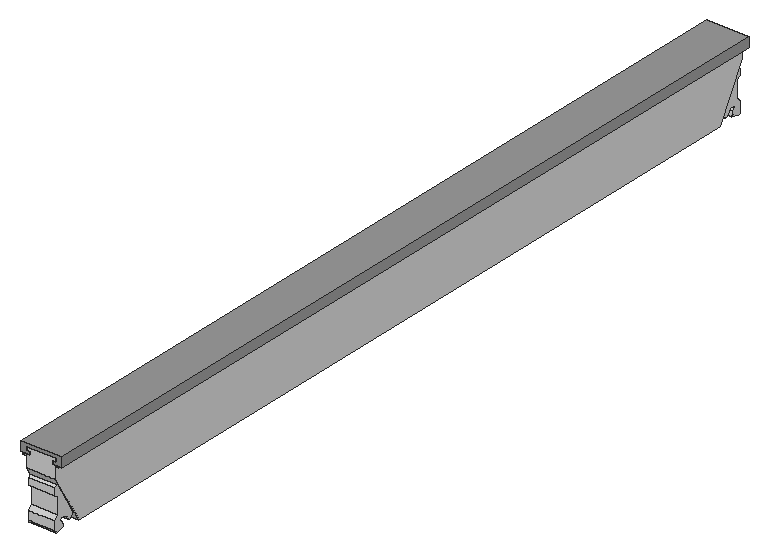
Revit family "CC4_TRANSVERSAL CC TE 1.5 ALU_1870400", category Generic Models, Revit 2018
Family settings
  Can host rebar = No
  Round Connector Dimension = Use Diameter
  Part Type = Normal
  OmniClass Number = 35.51.14.00
  OmniClass Title = FORMWORK
  Work Plane-Based = Yes
  Always vertical = No
  Cut with Voids When Loaded = No
  Shared = Yes
  Room Calculation Point = No
Parameters
  VERSION = "20190101"  # constant formula
  URL = "www.ulmaconstruction.com/en"
  UNICLASS = ""
  ITEM_CODE = "1870400"
  Manufacturer = "ULMA CONSTRUCTION"  # constant formula
  FILTER [instance] = ""
  Default Elevation = 0.000 mm
  CLASSIFICATION_TITLE = ""
  CLASSIFICATION_NUMBER = ""
Reference planes
  plane 1 "Centro (Frontal/Posterior)": y = 0
  plane 2: z = 0
  plane 3 "Centro (Izquierda/Derecha)": x = 0
  plane 4 "ITEM_LENGTH": y = 1500
Forms (mm)
  Extrusion 1, solid, material "ULMA ZINC", detail levels fine
    sketch origin (0, 0, 0) x (1, 0, 0) y (0, 0, 1)
      loop
        line (-23.75, -6) -> (-23.75, -10.7) -> (-19, -10.7) -> (-19, -16) -> (-30, -16) -> (-30, -18) -> (-24.75, -19.105) -> (-24.75, -118.4) -> (-7.05, -118.4) -> (-7.05, -115.9) -> (-9.9, -115.9) -> (-9.9, -102.9) -> (9.9, -102.9) -> (9.9, -115.9) -> (7.05, -115.9) -> (7.05, -118.4) -> (24.75, -118.4) -> (24.75, -19.105) -> (30, -18) -> (30, -16) -> (19, -16) -> (19, -10.7) -> (23.75, -10.7) -> (23.75, -6) -> (-23.75, -6)
    from -1465 to -35
  Extrusion 2, solid, material "ULMA POLYPROPYLENE BLACK", detail levels fine
    sketch origin (0, 0, 0) x (1, 0, 0) y (0, 0, 1)
      loop
        line (-19, -16) -> (-19, -10.7) -> (-23.75, -10.7) -> (-23.75, -6) -> (23.75, -6) -> (23.75, -10.7) -> (19, -10.7) -> (19, -16) -> (35, -16) -> (35, 0) -> (-35, 0) -> (-35, -16) -> (-19, -16)
    from -1465 to -35
  Extrusion 3, void
    sketch origin (0, 0, 0) x (0, 1, 0) y (0, 0, 1)
      loop
        line (35, -37.4) -> (30, -37.4) -> (30, -123.4) -> (81.765, -123.4) -> (81.765, -118.4) -> (35, -37.4)
    from -35 to 35
  Extrusion 4, void
    sketch origin (0, 0, 0) x (0, 1, 0) y (0, 0, 1)
      loop
        line (1418.235, -118.4) -> (1418.235, -120.4) -> (1467, -120.4) -> (1467, -37.4) -> (1465, -37.4) -> (1418.235, -118.4)
    from -35 to 35
  Extrusion 5, solid, material "ULMA ZINC", detail levels fine
    sketch origin (0, 0, 0) x (0, 1, 0) y (0, 0, 1)
      loop
        line (41.548, -48.741) -> (36.25, -51.8) -> (36.25, -62.8) -> (41.75, -65.975) -> (41.75, -93.569) -> (36, -100.421) -> (36, -115.208)
        arc (36, -115.208) -> (37.565, -118.382) -> (41.035, -119.072) r 4
        line (41.035, -119.072) -> (52.5, -116)
        arc (52.5, -116) -> (52.078, -112.318) -> (50.91, -108.8) r 18
        line (50.91, -108.8) -> (47.525, -105.414)
        arc (47.525, -105.414) -> (47.091, -103.235) -> (48.939, -102) r 2
        line (48.939, -102) -> (58, -102) -> (61.984, -108.9) -> (66.314, -111.4) -> (74.013, -104.973) -> (41.548, -48.741)
    from -22 to 22
  Extrusion 6, solid, material "ULMA ZINC", detail levels fine
    sketch origin (0, 0, 0) x (0, 1, 0) y (0, 0, 1)
      loop
        line (1458.452, -48.741) -> (1425.987, -104.973) -> (1433.686, -111.4) -> (1438.016, -108.9) -> (1442, -102) -> (1451.061, -102)
        arc (1451.061, -102) -> (1452.909, -103.235) -> (1452.475, -105.414) r 2
        line (1452.475, -105.414) -> (1449.09, -108.8)
        arc (1449.09, -108.8) -> (1447.922, -112.318) -> (1447.5, -116) r 18
        line (1447.5, -116) -> (1458.965, -119.072)
        arc (1458.965, -119.072) -> (1462.435, -118.382) -> (1464, -115.208) r 4
        line (1464, -115.208) -> (1464, -100.421) -> (1458.25, -93.569) -> (1458.25, -65.975) -> (1463.75, -62.8) -> (1463.75, -51.8) -> (1458.452, -48.741)
    from -22 to 22
  Extrusion 7, solid, material "ULMA POLYPROPYLENE BLACK", detail levels medium
    sketch origin (0, 0, 0) x (1, 0, 0) y (0, 0, 1)
      loop
        line (-35, 0) -> (-35, -118.4) -> (35, -118.4) -> (35, 0) -> (-35, 0)
    from -1465 to -35
Cuts and joins
  Extrusion 3, Extrusion 4 cuts Extrusion 1
  Extrusion 3, Extrusion 4 cuts Extrusion 7
Lines and regions (mm)
  model lines, style "ULMA TRANSVERSAL CC TE", detail levels coarse
    curve 1: line (-35, 1375, 0) -> (-35, 125, 0)
    curve 2: line (35, 1375, 0) -> (35, 125, 0)
Dimensions and locks
  plane 1 "Centro (Frontal/Posterior)" to plane 4 "ITEM_LENGTH" = 1500.000 mm
  locked: plane 4 "ITEM_LENGTH" to plane 1 "Centro (Frontal/Posterior)" at 1500
  aligned and locked: level to plane 2
